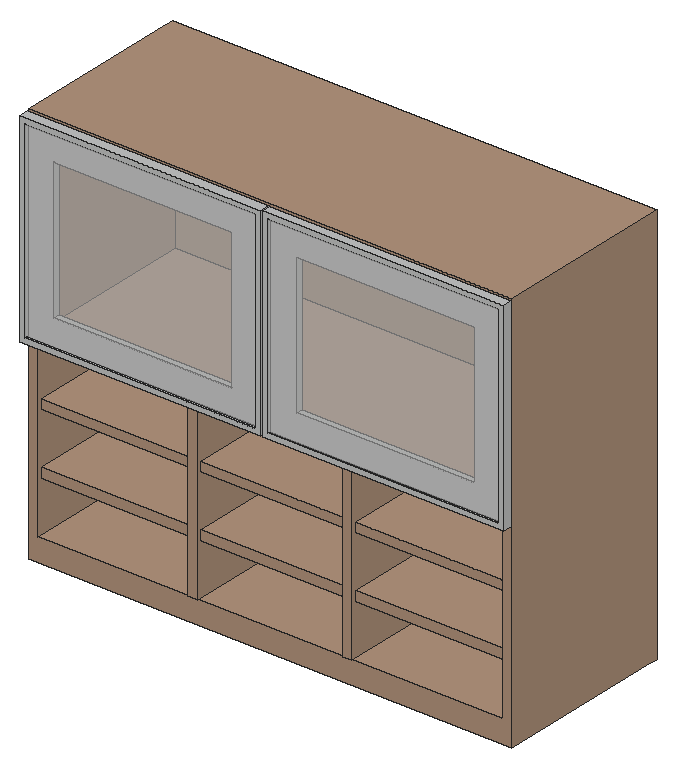
Revit family "Wall_Cabinets-Teknion-RHWHDG_Wall_Cabinet_with_Pigeonhole_Section_and_Glass_Doors-R2018", category Furniture, Revit 2018
Family settings
  OmniClass Number = 23.40.20.00
  OmniClass Title = General Furniture and Specialties
  Work Plane-Based = No
  Always vertical = Yes
  Cut with Voids When Loaded = No
  Shared = Yes
  Room Calculation Point = No
Parameters (values of type "Laminate Horizontal Divider")
  Width [instance] = 36.000"
  Warranty = "http://www.teknion.com/ca/papers/legal-canada"
  Vertical Shelf Spacing [instance] = if(Width = 12.000", 3.066", if(Width = 15.000", 2.874", if(Width = 18.000", 3.624", if(Width = 21.000", 3.359", if(Width = 24.000", 3.182", if(Width = 27.000", 3.682", if(Width = 30.000", 3.485", if(Width = 33.000", 3.337", 3.221"))))))))  # 3.221"
  Unit Weight URL = "http://www.teknion.com/ca/tools/assets#&asset=bee6a381-b954-425e-8283-5a2de3a804f2,f828d448-4b62-4231-9e5f-9a8991c0ed77"
  URL = "www.teknion.com"
  Two Doors [instance] = or(Width = 24.000", Width = 27.000", Width = 30.000", Width = 33.000", Width = 36.000")  # yes
  Two Divider Offset [instance] = if(Width = 36.000", 11.533", if(Width = 33.000", 10.533", 9.533"))  # 11.533"
  Two Divider [instance] = and(Horizontal Shelf, or(Width = 30.000", Width = 33.000", Width = 36.000"))  # yes
  Top Height [instance] = if(Height = 36.000", 90.000", 84.000")  # 84.000"
  To render please download texture images found here = "https://assets.teknion.com/web/5e81352c1dfdb467/revit-material-swatches/"
  Sustainability Data = "https://www.teknion.com/ca/tools/assets#&topic=216f99a5-57a0-44fc-b10a-9dee9b29ae4c&asset=444deb64-fe58-4b68-981e-f75e97781df7,b4ff2d81-9f2e-437d-9659-7cffb09c31cf"
  Shelf Finish = Source Laminate - Teknion - 3M - Provincial Oak
  One Divider [instance] = and(Horizontal Shelf, or(Width = 21.000", Width = 24.000", Width = 27.000"))  # no
  Number of Vertical Shelves [instance] = if(Width = 12.000", 2, (if(Width = 15.000", 3, if(Width = 18.000", 3, if(Width = 21.000", 4, if(Width = 24.000", 5, if(Width = 27.000", 5, if(Width = 30.000", 6, if(Width = 33.000", 7, if(Width = 36.000", 8, 2))))))))))  # 8
  Material Note = if(and(Horizontal Shelf, not(Laminate Horizontal)), "Shelf Finish must be Metal Finish coordinated with Case Finish", "Shelf Finish must match Case Finish")  # "Shelf Finish must match Case Finish"
  Laminate Horizontal = yes
  Interior Shelf [instance] = Height = 36.000"  # no
  Series = "Modular Cabinets"  # constant formula
  Product Page URL = "https://www.teknion.com/ca/products/product-details?productLineId=217e336e-8e7a-673b-a6c8-ff00004460c4"
  Product Line = "Modular Cabinets"  # constant formula
  Product Documentation Link = "https://www.teknion.com/pricing/modular-cabinets/pdfs/RHWHDG_ppg.pdf"
  Part Number = "RHWHDG"  # constant formula
  One Door [instance] = or(Width = 12.000", Width = 15.000", Width = 18.000", Width = 21.000")  # no
  Model = "RHWHDGH15_____"
  Manufacturer Phone = "416-661-3370"  # constant formula
  Manufacturer Fax = "416.661.4586"  # constant formula
  Manufacturer Contact Information = "http://www.teknion.com/ca/contactus"
  Manufacturer Address = "1150 Flint Road, Toronto, ON. M3J 2J5. Canada"  # constant formula
  Manufacturer = "Teknion"  # constant formula
  Laminate Vertical = no
  How To Use Teknion Materials User Guide = "https://assets.teknion.com/m/205dd0a49fa58060/original/How-to-add-a-Material-Library-and-Texture-Images-to-your-Revit-project.pdf"
  Horizontal Shelf Thickness = if(Laminate Horizontal, 0.701", 0.315")  # 0.701"
  Horizontal Shelf Spacing 2 = if(Laminate Horizontal, 6.265", 6.136")  # 6.265"
  Horizontal Shelf Spacing 1 = if(Laminate Horizontal, 10.829", 10.572")  # 10.829"
  Horizontal Shelf = yes
  Height [instance] = 30.000"
  Glass Finish = Glass - Teknion - FT - Frosted Glass
  For Additional Finishes please visit = "https://assets.teknion.com/m/44a8009b046e5d47/original/Teknion_Materials_Library.zip"
  Double Door Swing Arc Radius [instance] = Width / 2  # 18.000"
  Door Finish = Paint - Teknion - Mica - Platinum
  Description = "Wall Cabinet with Pigeonhole Section and Glass Doors, Laminate Horizontal Divider, 15\" Depth"
  Case Finish = Source Laminate - Teknion - 3M - Provincial Oak
  Available Widths [instance] = "12, 15, 18, 21, 24, 27, 30, 33, and 36 Inches"  # constant formula
  Available Heights [instance] = "30, and 36 Inches"  # constant formula
  Assembly Code = "E2020200"
Types (4): name | Two Divider | Shelf Finish | Material Note | Laminate Horizontal | Model | Laminate Vertical | Horizontal Shelf Thickness | Horizontal Shelf Spacing 2 | Horizontal Shelf Spacing 1 | Horizontal Shelf | Description
  (no name) | yes | Source Laminate - Teknion - 3M - Provincial Oak | "Shelf Finish must match Case Finish" | yes | "RHWHDGH15_____" | no | 0.701" | 6.265" | 10.829" | yes | "Wall Cabinet with Pigeonhole Section and Glass Doors, Laminate Horizontal Divider, 15\" Depth"
  Laminate Horizontal Divider | yes | Source Laminate - Teknion - 3M - Provincial Oak | "Shelf Finish must match Case Finish" | yes | "RHWHDGH15_____" | no | 0.701" | 6.265" | 10.829" | yes | "Wall Cabinet with Pigeonhole Section and Glass Doors, Laminate Horizontal Divider, 15\" Depth"
  Laminate Vertical Divider | no | Source Laminate - Teknion - 3M - Provincial Oak | "Shelf Finish must match Case Finish" | no | "RHWHDGV15_____" | yes | 0.315" | 6.136" | 10.572" | no | "Wall Cabinet with Pigeonhole Section and Glass Doors, Laminate Vertical Divider, 15\" Depth"
  Metal Horizontal Divider | yes | Paint - Teknion - Mica - Sepia Bronze | "Shelf Finish must be Metal Finish coordinated with Case Finish" | no | "RHWHDGM15_____" | no | 0.315" | 6.136" | 10.572" | yes | "Wall Cabinet with Pigeonhole Section and Glass Doors, Metal Horizontal Divider,15\" Depth"
Reference planes (in)
  plane 1 "Center Front/Back": y = 0
  plane 2: z = 0
  plane 3 "Center Left/Right": x = 0
  plane 4 "Left": x = -18
  plane 5 "Right": x = 18
  plane 6 "Back": y = 7.5
  plane 7 "Front": y = -7.5
  plane 8 "Top": z = 84
  plane 9: y = -5.97244
  plane 10: z = 54
  plane 11: x = -5.7665
  plane 12: x = 5.7665
  plane 13: z = 55.70079
  plane 14: z = 69.3937
  plane 15: z = 64.829
  plane 16: z = 60.265
Forms (in)
  Sweep 1, solid, material "Source Laminate - Teknion - 3M - Provincial Oak" <- "Case Finish"
    path origin (0, 0, 0) x (1, 0, 0) y (0, 1, 0)
      loop
        line (0, -5.97244) -> (0, 7.5)
    profile origin (0, 0.76378, 0) x (-1, 0, 0) y (0, 0, 1)
      loop
        line (18, 84) -> (-18, 84) -> (-18, 54) -> (18, 54) -> (18, 84)
      loop
        line (17.29921, 83.29921) -> (-17.29921, 83.29921) -> (-17.29921, 55.70079) -> (17.29921, 55.70079) -> (17.29921, 83.29921)
  Sweep 2, void
    path origin (0, 0, 0) x (1, 0, 0) y (0, 0, 1)
      loop
        line (0, 54) -> (0, 54.96457)
    profile origin (0, 0, 54.48228) x (-1, 0, 0) y (0, -1, 0)
      loop
        line (17.29921, 1.97244) -> (-17.29921, 1.97244) -> (-17.29921, -6.799) -> (17.29921, -6.799) -> (17.29921, 1.97244)
  Sweep 3, solid, material "Source Laminate - Teknion - 3M - Provincial Oak" <- "Case Finish"
    path origin (0, 0, 0) x (1, 0, 0) y (0, 1, 0)
      loop
        line (0, 6.799) -> (0, 7.5)
    profile origin (0, 7.1495, 0) x (-1, 0, 0) y (0, 0, 1)
      loop
        line (18, 84) -> (-18, 84) -> (-18, 54) -> (18, 54) -> (18, 84)
  Sweep 4, solid, material "Source Laminate - Teknion - 3M - Provincial Oak" <- "Case Finish", visible <- "One Divider"
    path origin (0, 0, 0) x (1, 0, 0) y (0, 1, 0)
      loop
        line (0, -5.97244) -> (0, 6.799)
    profile origin (0, 0.41328, 0) x (-1, 0, 0) y (0, 0, 1)
      loop
        line (0.35039, 68.69291) -> (-0.35039, 68.69291) -> (-0.35039, 55.70079) -> (0.35039, 55.70079) -> (0.35039, 68.69291)
  Sweep 5, solid, material "Source Laminate - Teknion - 3M - Provincial Oak" <- "Case Finish"
    path origin (0, 0, 0) x (1, 0, 0) y (0, 1, 0)
      loop
        line (0, -5.97244) -> (0, 6.799)
    profile origin (0, 0.41328, 0) x (-1, 0, 0) y (0, 0, 1)
      loop
        line (17.29921, 68.69291) -> (17.29921, 69.3937) -> (-17.29921, 69.3937) -> (-17.29921, 68.69291) -> (17.29921, 68.69291)
  Sweep 6, solid, material "Source Laminate - Teknion - 3M - Provincial Oak" <- "Shelf Finish", visible <- "Horizontal Shelf"
    path origin (0, 0, 0) x (1, 0, 0) y (0, 1, 0)
      loop
        line (0, -5.73622) -> (0, 6.799)
    profile origin (0, 0.53139, 0) x (-1, 0, 0) y (0, 0, 1)
      loop
        line (17.29921, 64.829) -> (-17.29921, 64.829) -> (-17.29921, 64.128) -> (17.29921, 64.128) -> (17.29921, 64.829)
      loop
        line (17.29921, 60.265) -> (-17.29921, 60.265) -> (-17.29921, 59.564) -> (17.29921, 59.564) -> (17.29921, 60.265)
  Sweep 7, solid, material "Paint - Teknion - Mica - Platinum" <- "Door Finish", visible <- "One Door"
    path origin (0, 0, 0) x (1, 0, 0) y (0, 1, 0)
      loop
        line (0, -6.75197) -> (0, -6.05118)
    profile origin (0, -6.40157, 0) x (-1, 0, 0) y (0, 0, 1)
      loop
        line (18, 83.88189) -> (-18, 83.88189) -> (-18, 68.8189) -> (18, 68.8189) -> (18, 83.88189)
  Sweep 8, solid, material "Paint - Teknion - Mica - Platinum" <- "Door Finish", visible <- "Two Doors"
    path origin (0, 0, 0) x (1, 0, 0) y (0, 1, 0)
      loop
        line (0, -6.75197) -> (0, -6.05118)
    profile origin (0, -6.40157, 0) x (-1, 0, 0) y (0, 0, 1)
      loop
        line (18, 83.88189) -> (0.05906, 83.88189) -> (0.05906, 68.8189) -> (18, 68.8189) -> (18, 83.88189)
      loop
        line (-0.05906, 68.8189) -> (-0.05906, 83.88189) -> (-18, 83.88189) -> (-18, 68.8189) -> (-0.05906, 68.8189)
  Sweep 9, solid, material "Source Laminate - Teknion - 3M - Provincial Oak" <- "Case Finish", visible <- "Two Divider"
    path origin (0, 0, 0) x (1, 0, 0) y (0, 1, 0)
      loop
        line (0, -5.97244) -> (0, 6.799)
    profile origin (0, 0.41328, 0) x (-1, 0, 0) y (0, 0, 1)
      loop
        line (6.11689, 68.69291) -> (5.41611, 68.69291) -> (5.41611, 55.70079) -> (6.11689, 55.70079) -> (6.11689, 68.69291)
      loop
        line (-5.41611, 68.69291) -> (-6.11689, 68.69291) -> (-6.11689, 55.70079) -> (-5.41611, 55.70079) -> (-5.41611, 68.69291)
  Sweep 10, solid, material "Source Laminate - Teknion - 3M - Provincial Oak" <- "Case Finish", visible <- "Interior Shelf"
    path origin (0, 0, 0) x (1, 0, 0) y (0, 1, 0)
      loop
        line (0, -5.73622) -> (0, 6.799)
    profile origin (0, 0.53139, 0) x (-1, 0, 0) y (0, 0, 1)
      loop
        line (17.29921, 79.69685) -> (-17.29921, 79.69685) -> (-17.29921, 78.99606) -> (17.29921, 78.99606) -> (17.29921, 79.69685)
  Sweep 11, solid, material "Source Laminate - Teknion - 3M - Provincial Oak" <- "Shelf Finish", visible <- "Laminate Vertical"
    path origin (-0.67861, 0, 0) x (1, 0, 0) y (0, 1, 0)
      loop
        line (-13.04921, 6.799) -> (-13.04921, -5.73622)
    profile origin (-13.72782, 0.53139, 0) x (1, 0, 0) y (0, 0, 1)
      loop
        line (-0.35039, 68.69291) -> (-0.35039, 55.70079) -> (0.35039, 55.70079) -> (0.35039, 68.69291) -> (-0.35039, 68.69291)
  Sweep 12, solid, material "Source Laminate - Teknion - 3M - Provincial Oak" <- "Shelf Finish", visible <- "Laminate Vertical", not visible
    path origin (-0.67861, 0, 0) x (1, 0, 0) y (0, 1, 0)
      loop
        line (-13.04921, 6.799) -> (-13.04921, -5.73622)
    profile origin (-13.72782, 0.53139, 0) x (1, 0, 0) y (0, 0, 1)
      loop
        line (-0.35039, 68.69291) -> (-0.35039, 55.70079) -> (0.35039, 55.70079) -> (0.35039, 68.69291) -> (-0.35039, 68.69291)
  Sweep 13, solid, material "Source Laminate - Teknion - 3M - Provincial Oak" <- "Shelf Finish", visible <- "Laminate Vertical"
    path origin (3.24318, 0, 0) x (1, 0, 0) y (0, 1, 0)
      loop
        line (-13.04921, 6.799) -> (-13.04921, -5.73622)
    profile origin (-9.80603, 0.53139, 0) x (1, 0, 0) y (0, 0, 1)
      loop
        line (-0.35039, 68.69291) -> (-0.35039, 55.70079) -> (0.35039, 55.70079) -> (0.35039, 68.69291) -> (-0.35039, 68.69291)
  Sweep 14, void
    path origin (0, 0, 0) x (1, 0, 0) y (0, 1, 0)
      loop
        line (0, -6.75197) -> (0, -6.51597)
    profile origin (0, -6.63397, 0) x (-1, 0, 0) y (0, 0, 1)
      loop
        line (-17.626, 83.50789) -> (-17.626, 69.1929) -> (17.626, 69.1929) -> (17.626, 83.50789) -> (-17.626, 83.50789)
  Sweep 15, void
    path origin (0, 0, 0) x (1, 0, 0) y (0, 1, 0)
      loop
        line (0, -6.75197) -> (0, -6.51597)
    profile origin (0, -6.63397, 0) x (-1, 0, 0) y (0, 0, 1)
      loop
        line (17.626, 69.1929) -> (17.626, 83.50789) -> (0.43306, 83.50789) -> (0.43306, 69.1929) -> (17.626, 69.1929)
      loop
        line (-0.43306, 69.1929) -> (-0.43306, 83.50789) -> (-17.626, 83.50789) -> (-17.626, 69.1929) -> (-0.43306, 69.1929)
  Sweep 16, void
    path origin (0, 0, 0) x (1, 0, 0) y (0, 1, 0)
      loop
        line (0, -6.75197) -> (0, -6.05118)
    profile origin (0, -6.40157, 0) x (-1, 0, 0) y (0, 0, 1)
      loop
        line (15.672, 81.55389) -> (2.38706, 81.55389) -> (2.38706, 71.1469) -> (15.672, 71.1469) -> (15.672, 81.55389)
      loop
        line (-15.672, 81.55389) -> (-15.672, 71.1469) -> (-2.38706, 71.1469) -> (-2.38706, 81.55389) -> (-15.672, 81.55389)
  Sweep 17, solid, material "Source Laminate - Teknion - 3M - Provincial Oak" <- "Shelf Finish", visible <- "Laminate Vertical"
    path origin (7.16497, 0, 0) x (1, 0, 0) y (0, 1, 0)
      loop
        line (-13.04921, 6.799) -> (-13.04921, -5.73622)
    profile origin (-5.88424, 0.53139, 0) x (1, 0, 0) y (0, 0, 1)
      loop
        line (-0.35039, 68.69291) -> (-0.35039, 55.70079) -> (0.35039, 55.70079) -> (0.35039, 68.69291) -> (-0.35039, 68.69291)
  Sweep 18, solid, material "Source Laminate - Teknion - 3M - Provincial Oak" <- "Shelf Finish", visible <- "Laminate Vertical"
    path origin (11.08676, 0, 0) x (1, 0, 0) y (0, 1, 0)
      loop
        line (-13.04921, 6.799) -> (-13.04921, -5.73622)
    profile origin (-1.96246, 0.53139, 0) x (1, 0, 0) y (0, 0, 1)
      loop
        line (-0.35039, 68.69291) -> (-0.35039, 55.70079) -> (0.35039, 55.70079) -> (0.35039, 68.69291) -> (-0.35039, 68.69291)
  Sweep 19, solid, material "Source Laminate - Teknion - 3M - Provincial Oak" <- "Shelf Finish", visible <- "Laminate Vertical"
    path origin (15.00854, 0, 0) x (1, 0, 0) y (0, 1, 0)
      loop
        line (-13.04921, 6.799) -> (-13.04921, -5.73622)
    profile origin (1.95933, 0.53139, 0) x (1, 0, 0) y (0, 0, 1)
      loop
        line (-0.35039, 68.69291) -> (-0.35039, 55.70079) -> (0.35039, 55.70079) -> (0.35039, 68.69291) -> (-0.35039, 68.69291)
  Sweep 20, solid, material "Source Laminate - Teknion - 3M - Provincial Oak" <- "Shelf Finish", visible <- "Laminate Vertical"
    path origin (18.93033, 0, 0) x (1, 0, 0) y (0, 1, 0)
      loop
        line (-13.04921, 6.799) -> (-13.04921, -5.73622)
    profile origin (5.88112, 0.53139, 0) x (1, 0, 0) y (0, 0, 1)
      loop
        line (-0.35039, 68.69291) -> (-0.35039, 55.70079) -> (0.35039, 55.70079) -> (0.35039, 68.69291) -> (-0.35039, 68.69291)
  Sweep 21, solid, material "Source Laminate - Teknion - 3M - Provincial Oak" <- "Shelf Finish", visible <- "Laminate Vertical"
    path origin (22.85212, 0, 0) x (1, 0, 0) y (0, 1, 0)
      loop
        line (-13.04921, 6.799) -> (-13.04921, -5.73622)
    profile origin (9.80291, 0.53139, 0) x (1, 0, 0) y (0, 0, 1)
      loop
        line (-0.35039, 68.69291) -> (-0.35039, 55.70079) -> (0.35039, 55.70079) -> (0.35039, 68.69291) -> (-0.35039, 68.69291)
  Sweep 22, solid, material "Source Laminate - Teknion - 3M - Provincial Oak" <- "Shelf Finish", visible <- "Laminate Vertical"
    path origin (26.77391, 0, 0) x (1, 0, 0) y (0, 1, 0)
      loop
        line (-13.04921, 6.799) -> (-13.04921, -5.73622)
    profile origin (13.72469, 0.53139, 0) x (1, 0, 0) y (0, 0, 1)
      loop
        line (-0.35039, 68.69291) -> (-0.35039, 55.70079) -> (0.35039, 55.70079) -> (0.35039, 68.69291) -> (-0.35039, 68.69291)
  Sweep 23, void
    path origin (0, 0, 0) x (1, 0, 0) y (0, 1, 0)
      loop
        line (0, -6.75197) -> (0, -6.05118)
    profile origin (0, -6.40157, 0) x (-1, 0, 0) y (0, 0, 1)
      loop
        line (15.672, 81.55389) -> (-15.672, 81.55389) -> (-15.672, 71.1469) -> (15.672, 71.1469) -> (15.672, 81.55389)
  Sweep 24, solid, material "Glass - Teknion - FT - Frosted Glass" <- "Glass Finish", visible <- "Two Doors"
    path origin (0, 0, 0) x (1, 0, 0) y (0, 1, 0)
      loop
        line (0, -6.63397) -> (0, -6.51597)
    profile origin (0, -6.57497, 0) x (-1, 0, 0) y (0, 0, 1)
      loop
        line (17.626, 69.1929) -> (17.626, 83.50789) -> (0.43306, 83.50789) -> (0.43306, 69.1929) -> (17.626, 69.1929)
      loop
        line (-0.43306, 69.1929) -> (-0.43306, 83.50789) -> (-17.626, 83.50789) -> (-17.626, 69.1929) -> (-0.43306, 69.1929)
  Sweep 25, solid, material "Glass - Teknion - FT - Frosted Glass" <- "Glass Finish", visible <- "One Door"
    path origin (0, 0, 0) x (1, 0, 0) y (0, 1, 0)
      loop
        line (0, -6.63397) -> (0, -6.51597)
    profile origin (0, -6.57497, 0) x (-1, 0, 0) y (0, 0, 1)
      loop
        line (17.626, 69.1929) -> (17.626, 83.50789) -> (-17.626, 83.50789) -> (-17.626, 69.1929) -> (17.626, 69.1929)
Cuts and joins
  Sweep 2 cuts Sweep 1
  joined: Sweep 1, Sweep 3
  Sweep 14, Sweep 23 cuts Sweep 7
  Sweep 15, Sweep 16 cuts Sweep 8
Lines and regions (in)
  Masking region 1
    outline origin (0, 0, 0) x (1, 0, 0) y (0, 1, 0)
      loop
        line (-18, 7.5) -> (-18, -5.97244) -> (18, -5.97244) -> (18, 7.5) -> (-18, 7.5)
  Masking region 2, visible <- "One Door"
    outline origin (0, 0, 0) x (1, 0, 0) y (0, 1, 0)
      loop
        line (-18, -6.05118) -> (-18, -6.75197) -> (18, -6.75197) -> (18, -6.05118) -> (-18, -6.05118)
  Masking region 3, visible <- "Two Doors"
    outline origin (0, 0, 0) x (1, 0, 0) y (0, 1, 0)
      loop
        line (-18, -6.05118) -> (-18, -6.75197) -> (-0.05906, -6.75197) -> (-0.05906, -6.05118) -> (-18, -6.05118)
      loop
        line (0.05906, -6.05118) -> (0.05906, -6.75197) -> (18, -6.75197) -> (18, -6.05118) -> (0.05906, -6.05118)
  reference lines
    curve 1: line (18, 7.5, 0) -> (18, -6.75197, 0)
    curve 2: line (-18, 7.5, 0) -> (18, 7.5, 0)
    curve 3: line (-18, 7.5, 0) -> (-18, -6.75197, 0)
    curve 60: line (-18, -6.75197, 0) -> (18, -6.75197, 0)
    curve 61: line (18, -5.97244, 0) -> (-18, -5.97244, 0)
  symbolic lines, style "FurnitureHiddenLines", detail levels medium+fine
    curve 4: line (-17.29921, 6.799, 0) -> (-17.29921, -5.97244, 0)
    curve 5: line (17.29921, 6.799, 0) -> (-17.29921, 6.799, 0)
    curve 6: line (17.29921, 6.799, 0) -> (17.29921, -5.97244, 0)
  symbolic lines, style "FurnitureHiddenLines", detail levels fine
    curve 7: line (-17.29921, -1.97244, 0) -> (17.29921, -1.97244, 0)
  symbolic lines, style "FurnitureHiddenLines", visible <- "Horizontal Shelf", detail levels medium+fine
    curve 8: line (17.29921, -5.73622, 0) -> (-17.29921, -5.73622, 0)
  symbolic lines, style "FurnitureHiddenLines", visible <- "Two Divider", detail levels medium+fine
    curve 9: line (-6.11689, 6.799, 0) -> (-6.11689, -5.97244, 0)
    curve 10: line (-5.41611, -5.97244, 0) -> (-5.41611, 6.799, 0)
    curve 11: line (5.41611, 6.799, 0) -> (5.41611, -5.97244, 0)
    curve 12: line (6.11689, -5.97244, 0) -> (6.11689, 6.799, 0)
  symbolic lines, style "FurnitureHiddenLines", visible <- "One Divider", detail levels medium+fine
    curve 13: line (-0.35039, 6.799, 0) -> (-0.35039, -5.97244, 0)
    curve 14: line (0.35039, -5.97244, 0) -> (0.35039, 6.799, 0)
  symbolic lines, style "FurnitureHiddenLines", visible <- "Laminate Vertical", detail levels medium+fine
    curve 15: line (-13.37743, -5.73622, 0) -> (-13.37743, 6.799, 0)
    curve 16: line (-14.07821, 6.799, 0) -> (-14.07821, -5.73622, 0)
    curve 17: line (-14.07821, -5.73622, 0) -> (-13.37743, -5.73622, 0)
    curve 21: line (-9.45564, -5.73622, 0) -> (-9.45564, 6.799, 0)
    curve 22: line (-10.15643, 6.799, 0) -> (-10.15643, -5.73622, 0)
    curve 23: line (-10.15643, -5.73622, 0) -> (-9.45564, -5.73622, 0)
    curve 30: line (-5.53385, -5.73622, 0) -> (-5.53385, 6.799, 0)
    curve 31: line (-6.23464, 6.799, 0) -> (-6.23464, -5.73622, 0)
    curve 32: line (-6.23464, -5.73622, 0) -> (-5.53385, -5.73622, 0)
    curve 33: line (-1.61206, -5.73622, 0) -> (-1.61206, 6.799, 0)
    curve 34: line (-2.31285, 6.799, 0) -> (-2.31285, -5.73622, 0)
    curve 35: line (-2.31285, -5.73622, 0) -> (-1.61206, -5.73622, 0)
    curve 36: line (2.30972, -5.73622, 0) -> (2.30972, 6.799, 0)
    curve 37: line (1.60894, 6.799, 0) -> (1.60894, -5.73622, 0)
    curve 38: line (1.60894, -5.73622, 0) -> (2.30972, -5.73622, 0)
    curve 39: line (6.23151, -5.73622, 0) -> (6.23151, 6.799, 0)
    curve 40: line (5.53072, 6.799, 0) -> (5.53072, -5.73622, 0)
    curve 41: line (5.53072, -5.73622, 0) -> (6.23151, -5.73622, 0)
    curve 42: line (10.1533, -5.73622, 0) -> (10.1533, 6.799, 0)
    curve 43: line (9.45251, 6.799, 0) -> (9.45251, -5.73622, 0)
    curve 44: line (9.45251, -5.73622, 0) -> (10.1533, -5.73622, 0)
    curve 45: line (14.07509, -5.73622, 0) -> (14.07509, 6.799, 0)
    curve 46: line (13.3743, 6.799, 0) -> (13.3743, -5.73622, 0)
    curve 47: line (13.3743, -5.73622, 0) -> (14.07509, -5.73622, 0)
  symbolic lines, style "FurnitureHiddenLines", visible <- "Laminate Vertical", not visible, detail levels medium+fine
    curve 18: line (-13.37743, -5.73622, 0) -> (-13.37743, 6.799, 0)
    curve 19: line (-14.07821, 6.799, 0) -> (-14.07821, -5.73622, 0)
    curve 20: line (-14.07821, -5.73622, 0) -> (-13.37743, -5.73622, 0)
  symbolic lines, style "FurnitureHiddenLines", visible <- "One Door"
    curve 24: line (-18, -7.5, 83.88189) -> (18, -7.5, 76.35039)
    curve 25: line (18, -7.5, 76.35039) -> (-18, -7.5, 68.8189)
    curve 48: line (-17.626, -6.63397, 0) -> (17.626, -6.63397, 0)
    curve 49: line (17.626, -6.63397, 0) -> (17.626, -6.51597, 0)
    curve 50: line (17.626, -6.51597, 0) -> (-17.626, -6.51597, 0)
    curve 51: line (-17.626, -6.51597, 0) -> (-17.626, -6.63397, 0)
  symbolic lines, style "FurnitureHiddenLines", visible <- "Two Doors"
    curve 26: line (0, -7.5, 83.90668) -> (18, -7.5, 76.35039)
    curve 27: line (18, -7.5, 76.35039) -> (0, -7.5, 68.79411)
    curve 28: line (0, -7.5, 83.90668) -> (-18, -7.5, 76.35039)
    curve 29: line (-18, -7.5, 76.35039) -> (0, -7.5, 68.79411)
  symbolic lines, style "FurnitureHiddenLines", visible <- "Two Doors", detail levels medium+fine
    curve 52: line (-17.626, -6.63397, 0) -> (-0.43306, -6.63397, 0)
    curve 53: line (-0.43306, -6.63397, 0) -> (-0.43306, -6.51597, 0)
    curve 54: line (-0.43306, -6.51597, 0) -> (-17.626, -6.51597, 0)
    curve 55: line (-17.626, -6.51597, 0) -> (-17.626, -6.63397, 0)
    curve 56: line (0.43306, -6.63397, 0) -> (17.626, -6.63397, 0)
    curve 57: line (17.626, -6.63397, 0) -> (17.626, -6.51597, 0)
    curve 58: line (17.626, -6.51597, 0) -> (0.43306, -6.51597, 0)
    curve 59: line (0.43306, -6.51597, 0) -> (0.43306, -6.63397, 0)
Dimensions and locks (in)
  "Width": plane 4 "Left" to plane 5 "Right"
  locked: plane 6 "Back" to plane 7 "Front" at 15
  "Top Height": plane 8 "Top" to level
  equal spacing: plane 4 "Left", plane 3 "Center Left/Right", plane 5 "Right"
  equal spacing: plane 6 "Back", plane 1 "Center Front/Back", plane 7 "Front"
  locked: plane 7 "Front" to plane 9 at 1.52756
  "Height": plane 8 "Top" to plane 10
  locked: Sweep 1 sketch curve to plane 4 "Left" at 0.70079
  locked: plane 8 "Top" to Sweep 1 sketch curve at 0.70079
  locked: Sweep 1 sketch curve to plane 5 "Right" at 0.70079
  locked: Sweep 1 sketch curve to plane 10 at 1.70079
  locked: Sweep 2 sketch curve to plane 10 at 0.96457
  locked: plane 6 "Back" to Sweep 2 sketch curve at 0.701
  locked: plane 4 "Left" to Sweep 2 sketch curve at 0.70079
  locked: Sweep 2 sketch curve to plane 5 "Right" at 0.70079
  locked: plane 9 to Sweep 2 sketch curve at 4
  locked: Sweep 3 sketch curve to Sweep 3 sketch curve at 0.701
  locked: plane 6 "Back" to Sweep 4 sketch curve at 0.701
  Sweep 4 sketch curve to plane 3 "Center Left/Right" to Sweep 4 sketch curve = 0.35039" locked, 0.35039" locked
  Sweep 4 sketch curve to Sweep 4 sketch curve to level = 12.99213" locked, 55.70079" locked
  locked: plane 6 "Back" to Sweep 5 sketch curve at 0.701
  locked: plane 7 "Front" to Sweep 5 sketch curve at 1.52756
  locked: plane 13 to plane 10 at 1.70079
  locked: plane 14 to Sweep 5 sketch curve at 0.70079
  locked: Sweep 5 sketch curve to plane 4 "Left" at 0.70079
  locked: Sweep 5 sketch curve to plane 5 "Right" at 0.70079
  locked: plane 6 "Back" to Sweep 6 sketch curve at 0.701
  locked: plane 7 "Front" to Sweep 6 sketch curve at 1.76378
  locked: Sweep 6 sketch curve to plane 4 "Left" at 0.70079  (x2)
  locked: Sweep 6 sketch curve to plane 5 "Right" at 0.70079  (x2)
  "Horizontal Shelf Thickness": plane 15 to Sweep 6 sketch curve
  "Horizontal Shelf Thickness": plane 16 to Sweep 6 sketch curve
  Sweep 7 sketch curve to Sweep 7 sketch curve to plane 9 = 0.70079" locked, 0.07874" locked
  locked: plane 8 "Top" to Sweep 7 sketch curve at 0.11811
  plane 9 to Sweep 8 sketch curve to Sweep 8 sketch curve = 0.07874" locked, 0.70079" locked
  plane 8 "Top" to Sweep 8 sketch curve to Sweep 8 sketch curve = 0.11811" locked, 0.000" locked
  Sweep 8 sketch curve to plane 3 "Center Left/Right" to Sweep 8 sketch curve = 0.05906" locked, 0.05906" locked
  Masking region 2 sketch curve to Masking region 2 sketch curve to plane 9 = 0.70079" locked, 0.07874" locked
  Masking region 3 sketch curve to Masking region 3 sketch curve to Masking region 3 sketch curve to Masking region 3 sketch curve to plane 9 = 0.000" locked, 0.70079" locked, 0.000" locked, 0.07874" locked
  locked: nested 1 to plane 9 at 0.07874
  locked: nested 3 to plane 9 at 0.07874
  locked: nested 2 to plane 9 at 0.07874
  Sweep 8 sketch curve to Sweep 8 sketch curve to level = 0.000" locked, 68.8189" locked
  locked: Sweep 7 sketch curve to level at 68.8189
  "Horizontal Shelf Spacing 2": plane 16 to plane 10
  locked: plane 6 "Back" to Sweep 9 sketch curve at 0.701
  Sweep 9 sketch curve to plane 11 to Sweep 9 sketch curve = 0.35039" locked, 0.35039" locked
  Sweep 9 sketch curve to plane 12 to Sweep 9 sketch curve = 0.35039" locked, 0.35039" locked
  plane 14 to Sweep 9 sketch curve to Sweep 9 sketch curve = 0.70079" locked, 0.000" locked
  locked: plane 7 "Front" to Sweep 10 sketch curve at 1.76378
  locked: plane 6 "Back" to Sweep 10 sketch curve at 0.701
  locked: Sweep 10 sketch curve to plane 4 "Left" at 0.70079
  locked: Sweep 10 sketch curve to plane 5 "Right" at 0.70079
  Sweep 10 sketch curve to Sweep 10 sketch curve to plane 14 = 0.70079" locked, 9.60236" locked
  locked: plane 14 to plane 10 at 15.3937
  "Horizontal Shelf Spacing 1": plane 15 to plane 10
  "Two Divider Offset": plane 11 to plane 12
  equal spacing: plane 11, plane 3 "Center Left/Right", plane 12
  locked: Sweep 11 sketch curve to Sweep 11 sketch curve at 12.53522
  Sweep 11 sketch curve to Sweep 11 sketch curve to profile plane = 12.99213" locked, 55.70079" locked
  Sweep 11 sketch curve to profile plane to Sweep 11 sketch curve = 0.35039" locked, 0.35039" locked
  "Vertical Shelf Spacing": Sweep 5 to Sweep 11
  locked: Sweep 12 sketch curve to Sweep 12 sketch curve at 12.53522
  Sweep 12 sketch curve to Sweep 12 sketch curve to profile plane = 12.99213" locked, 55.70079" locked
  Sweep 12 sketch curve to profile plane to Sweep 12 sketch curve = 0.35039" locked, 0.35039" locked
  locked: Sweep 13 sketch curve to Sweep 13 sketch curve at 12.53522
  Sweep 13 sketch curve to Sweep 13 sketch curve to profile plane = 12.99213" locked, 55.70079" locked
  Sweep 13 sketch curve to profile plane to Sweep 13 sketch curve = 0.35039" locked, 0.35039" locked
  equal spacing: group 1, group 3, group 4, group 5, group 6, group 7, group 8, group 9  (x3)
  "Vertical Shelf Spacing": Sweep 11 to Sweep 13
  plane 7 "Front" to Sweep 14 sketch curve to Sweep 14 sketch curve = 0.74803" locked, 0.236" locked
  locked: plane 8 "Top" to Sweep 14 sketch curve at 0.49211
  locked: Sweep 14 sketch curve to level at 69.1929
  locked: Sweep 14 sketch curve to plane 4 "Left" at 0.374
  locked: Sweep 14 sketch curve to plane 5 "Right" at 0.374
  plane 7 "Front" to Sweep 15 sketch curve to Sweep 15 sketch curve = 0.74803" locked, 0.236" locked
  locked: Sweep 15 sketch curve to plane 4 "Left" at 0.374
  plane 8 "Top" to Sweep 15 sketch curve to Sweep 15 sketch curve = 0.49211" locked, 0.000" locked
  Sweep 15 sketch curve to plane 3 "Center Left/Right" to Sweep 15 sketch curve = 0.43306" locked, 0.43306" locked
  locked: Sweep 15 sketch curve to plane 5 "Right" at 0.374
  Sweep 15 sketch curve to Sweep 15 sketch curve to level = 0.000" locked, 69.1929" locked
  Sweep 16 sketch curve to Sweep 16 sketch curve to plane 7 "Front" = 0.70079" locked, 0.74803" locked
  Sweep 16 sketch curve to plane 3 "Center Left/Right" to Sweep 16 sketch curve = 2.38706" locked, 2.38706" locked
  locked: Sweep 16 sketch curve to plane 4 "Left" at 2.328
  locked: Sweep 16 sketch curve to plane 5 "Right" at 2.328
  plane 8 "Top" to Sweep 16 sketch curve to Sweep 16 sketch curve = 2.44611" locked, 0.000" locked
  Sweep 16 sketch curve to Sweep 16 sketch curve to level = 0.000" locked, 71.1469" locked
  locked: Sweep 17 sketch curve to Sweep 17 sketch curve at 12.53522
  Sweep 17 sketch curve to Sweep 17 sketch curve to profile plane = 12.99213" locked, 55.70079" locked
  Sweep 17 sketch curve to profile plane to Sweep 17 sketch curve = 0.35039" locked, 0.35039" locked
  locked: Sweep 18 sketch curve to Sweep 18 sketch curve at 12.53522
  Sweep 18 sketch curve to Sweep 18 sketch curve to profile plane = 12.99213" locked, 55.70079" locked
  Sweep 18 sketch curve to profile plane to Sweep 18 sketch curve = 0.35039" locked, 0.35039" locked
  locked: Sweep 19 sketch curve to Sweep 19 sketch curve at 12.53522
  Sweep 19 sketch curve to Sweep 19 sketch curve to profile plane = 12.99213" locked, 55.70079" locked
  Sweep 19 sketch curve to profile plane to Sweep 19 sketch curve = 0.35039" locked, 0.35039" locked
  locked: Sweep 20 sketch curve to Sweep 20 sketch curve at 12.53522
  Sweep 20 sketch curve to Sweep 20 sketch curve to profile plane = 12.99213" locked, 55.70079" locked
  Sweep 20 sketch curve to profile plane to Sweep 20 sketch curve = 0.35039" locked, 0.35039" locked
  locked: Sweep 21 sketch curve to Sweep 21 sketch curve at 12.53522
  Sweep 21 sketch curve to Sweep 21 sketch curve to profile plane = 12.99213" locked, 55.70079" locked
  Sweep 21 sketch curve to profile plane to Sweep 21 sketch curve = 0.35039" locked, 0.35039" locked
  locked: Sweep 22 sketch curve to Sweep 22 sketch curve at 12.53522
  Sweep 22 sketch curve to Sweep 22 sketch curve to profile plane = 12.99213" locked, 55.70079" locked
  Sweep 22 sketch curve to profile plane to Sweep 22 sketch curve = 0.35039" locked, 0.35039" locked
  plane 7 "Front" to Sweep 23 sketch curve to Sweep 23 sketch curve = 0.74803" locked, 0.70079" locked
  locked: Sweep 23 sketch curve to plane 4 "Left" at 2.328
  locked: Sweep 23 sketch curve to plane 5 "Right" at 2.328
  locked: plane 8 "Top" to Sweep 23 sketch curve at 2.44611
  locked: Sweep 23 sketch curve to level at 71.1469
  Sweep 24 sketch curve to Sweep 24 sketch curve to plane 7 "Front" = 0.118" locked, 0.86603" locked
  locked: Sweep 24 sketch curve to plane 4 "Left" at 0.374
  Sweep 24 sketch curve to plane 3 "Center Left/Right" to Sweep 24 sketch curve = 0.43306" locked, 0.43306" locked
  locked: Sweep 24 sketch curve to plane 5 "Right" at 0.374
  Sweep 24 sketch curve to Sweep 24 sketch curve to level = 0.000" locked, 69.1929" locked
  plane 8 "Top" to Sweep 24 sketch curve to Sweep 24 sketch curve = 0.49211" locked, 0.000" locked
  plane 7 "Front" to Sweep 25 sketch curve to Sweep 25 sketch curve = 0.86603" locked, 0.118" locked
  locked: Sweep 25 sketch curve to plane 4 "Left" at 0.374
  locked: plane 8 "Top" to Sweep 25 sketch curve at 0.49211
  locked: Sweep 25 sketch curve to plane 5 "Right" at 0.374
  locked: Sweep 25 sketch curve to level at 69.1929
  locked: plane 4 "Left" to curve 55 at 0.374
  locked: curve 57 to plane 5 "Right" at 0.374
  aligned and locked: level to plane 2
  aligned and locked: plane 6 "Back" to Sweep 1 sketch curve
  aligned and locked: plane 3 "Center Left/Right" to Sweep 1 sketch curve
  aligned and locked: plane 4 "Left" to Sweep 1 sketch curve
  aligned and locked: Sweep 1 sketch curve to plane 8 "Top"
  aligned and locked: plane 5 "Right" to Sweep 1 sketch curve
  aligned and locked: plane 10 to Sweep 1 sketch curve
  aligned and locked: plane 9 to Sweep 1 sketch curve
  aligned and locked: plane 10 to Sweep 2 sketch curve
  aligned and locked: plane 3 "Center Left/Right" to Sweep 2 sketch curve
  aligned and locked: plane 6 "Back" to Sweep 3 sketch curve
  aligned and locked: plane 3 "Center Left/Right" to Sweep 3 sketch curve
  aligned and locked: plane 4 "Left" to Sweep 3 sketch curve
  aligned and locked: Sweep 3 sketch curve to plane 8 "Top"
  aligned and locked: plane 5 "Right" to Sweep 3 sketch curve
  aligned and locked: plane 10 to Sweep 3 sketch curve
  aligned and locked: plane 9 to Sweep 4 sketch curve
  aligned and locked: plane 3 "Center Left/Right" to Sweep 4 sketch curve
  aligned and locked: plane 3 "Center Left/Right" to Sweep 5 sketch curve
  aligned and locked: Sweep 5 sketch curve to plane 14
  aligned and locked: plane 3 "Center Left/Right" to Sweep 6 sketch curve
  aligned and locked: Sweep 6 sketch curve to plane 15
  aligned and locked: Sweep 6 sketch curve to plane 16
  aligned and locked: plane 3 "Center Left/Right" to Sweep 7 sketch curve
  aligned and locked: plane 4 "Left" to Sweep 7 sketch curve
  aligned and locked: plane 5 "Right" to Sweep 7 sketch curve
  aligned and locked: plane 3 "Center Left/Right" to Sweep 8 sketch curve
  aligned and locked: plane 4 "Left" to Sweep 8 sketch curve
  aligned and locked: Sweep 8 sketch curve to plane 5 "Right"
  aligned and locked: plane 5 "Right" to curve 1
  aligned and locked: curve 2 to plane 6 "Back"
  aligned and locked: curve 3 to plane 4 "Left"
  aligned and locked: Masking region 1 sketch curve to plane 6 "Back"
  aligned and locked: plane 4 "Left" to Masking region 1 sketch curve
  aligned and locked: plane 5 "Right" to Masking region 1 sketch curve
  aligned and locked: Masking region 1 sketch curve to plane 9
  aligned and locked: plane 5 "Right" to Masking region 2 sketch curve
  aligned and locked: plane 4 "Left" to Masking region 2 sketch curve
  aligned and locked: plane 5 "Right" to Masking region 3 sketch curve
  aligned and locked: plane 4 "Left" to Masking region 3 sketch curve
  aligned and locked: curve 5 to Sweep 6
  aligned and locked: curve 6 to cut or joined group of Sweep 1, Sweep 2, Sweep 3
  aligned and locked: curve 7 to cut or joined group of Sweep 1, Sweep 2, Sweep 3
  aligned and locked: nested 3 to plane 4 "Left"
  aligned and locked: nested 1 to plane 5 "Right"
  aligned and locked: nested 2 to plane 5 "Right"
  aligned and locked: plane 3 "Center Left/Right" to Sweep 9 sketch curve
  aligned and locked: plane 9 to Sweep 9 sketch curve
  aligned and locked: Sweep 9 sketch curve to plane 13  (x2)
  aligned and locked: plane 3 "Center Left/Right" to Sweep 10 sketch curve
  aligned and locked: curve 8 to Sweep 10
  aligned and locked: curve 9 to Sweep 9
  aligned and locked: curve 10 to Sweep 9
  aligned and locked: curve 11 to Sweep 9
  aligned and locked: curve 12 to Sweep 9
  aligned and locked: curve 13 to Sweep 4
  aligned and locked: curve 14 to Sweep 4
  aligned and locked: plane 3 "Center Left/Right" to Sweep 14 sketch curve
  aligned and locked: plane 3 "Center Left/Right" to Sweep 15 sketch curve
  aligned and locked: plane 3 "Center Left/Right" to Sweep 16 sketch curve
  aligned and locked: plane 3 "Center Left/Right" to Sweep 23 sketch curve
  aligned and locked: plane 3 "Center Left/Right" to Sweep 24 sketch curve
  aligned and locked: plane 3 "Center Left/Right" to Sweep 25 sketch curve
  aligned and locked: curve 52 to Sweep 24
  aligned and locked: curve 53 to Sweep 24
  aligned and locked: Sweep 24 to curve 54
  aligned and locked: curve 56 to Sweep 24
  aligned and locked: curve 58 to Sweep 24
  aligned and locked: curve 59 to Sweep 24
  aligned and locked: curve 60 to Masking region 2
  aligned and locked: curve 61 to plane 9
Automatic sketch dimensions
  Masking region 3 sketch curve to plane 3 "Center Left/Right" = 0.05906"
  plane 3 "Center Left/Right" to Masking region 3 sketch curve = 0.05906"
  plane 9 to curve 4 = 0.000"
  plane 9 to curve 6 = 0.000"
  plane 4 "Left" to curve 4 = 0.70079"
  plane 9 to curve 9 = 0.000"
  plane 9 to curve 10 = 0.000"
  plane 9 to curve 11 = 0.000"
  plane 9 to curve 12 = 0.000"
  plane 9 to curve 13 = 0.000"
  plane 9 to curve 14 = 0.000"
  plane 5 "Right" to curve 24 = 0.000"
  curve 26 to plane 3 "Center Left/Right" = 0.000"
  curve 28 to plane 4 "Left" = 0.000"
  curve 24 to plane 4 "Left" = 0.000"
  curve 25 to plane 4 "Left" = 0.000"
  plane 14 to curve 26 = 6.95669"
  plane 8 "Top" to curve 26 = 0.09332"
  curve 27 to plane 3 "Center Left/Right" = 0.000"
  plane 14 to curve 29 = 6.95669"
  curve 29 to plane 14 = 0.59959"
  curve 25 to plane 14 = 0.5748"
  plane 8 "Top" to curve 24 = 0.11811"
  curve 1 to plane 7 "Front" = 0.74803"
Nested families (in)
  nested 1: "Door-Swing_Symbol-Teknion-2D" at (9, -6.05118, 0), Swing Width <- "Double Door Swing Arc Radius", visible <- "Two Doors", type "Standard", detail levels fine
    with Swing Width 18.000", Door Thickness 0.701"
  nested 2: "Door-Swing_Symbol-Teknion-2D" at (0, -6.05118, 0), Swing Width <- "Width", visible <- "One Door", type "Standard", detail levels fine
    with Swing Width 36.000", Door Thickness 0.701"
  nested 3: "Door-Swing_Symbol-Teknion-2D" at (-9, -6.05118, 0) x (-1, 0, 0) z (0, 0, 1), Swing Width <- "Double Door Swing Arc Radius", visible <- "Two Doors", type "Standard", detail levels fine
    with Swing Width 18.000", Door Thickness 0.701"
Definition of nested family "Door-Swing_Symbol-Teknion-2D"
  Parameters (values of type "Standard")
    Swing Width [instance] = 26.000"
    Door Thickness [instance] = 2.000"
    Assembly Code = ""
  Reference planes (in)
    plane 1 "Center (Front/Back)": y = 0
    plane 2: z = 0
    plane 3 "Center (Left/Right)": x = 0
    plane 4: x = -13
    plane 5: x = 13
  Lines and regions (in)
    Masking region 1, in view "Ref. Level"
      outline origin (0, 0, 0) x (1, 0, 0) y (0, 1, 0)
        loop
          line (11, 0) -> (11, -26) -> (13, -26) -> (13, 0) -> (11, 0)
    detail lines, in view "Ref. Level"
      curve 1: line (13, 0, 0) -> (13, -26, 0)
      curve 2: arc (-13, 0, 0) -> (-5.38478, -18.38478, 0) -> (13, -26, 0) r 26
  Dimensions and locks (in)
    equal spacing: plane 4, plane 3 "Center (Left/Right)", plane 5
    "Swing Width": plane 4 to plane 5
    "Swing Width": curve 1 to plane 1 "Center (Front/Back)"
    "Swing Width": Masking region 1 sketch curve to Masking region 1 sketch curve
    "Door Thickness": Masking region 1 sketch curve to Masking region 1 sketch curve
    "Swing Width": radius of curve 2
    aligned and locked: plane 1 "Center (Front/Back)" to curve 1
    aligned and locked: plane 1 "Center (Front/Back)" to Masking region 1 sketch curve
    aligned and locked: Masking region 1 sketch curve to plane 5
  Automatic sketch dimensions
    curve 2 to plane 4 = 0.000"
